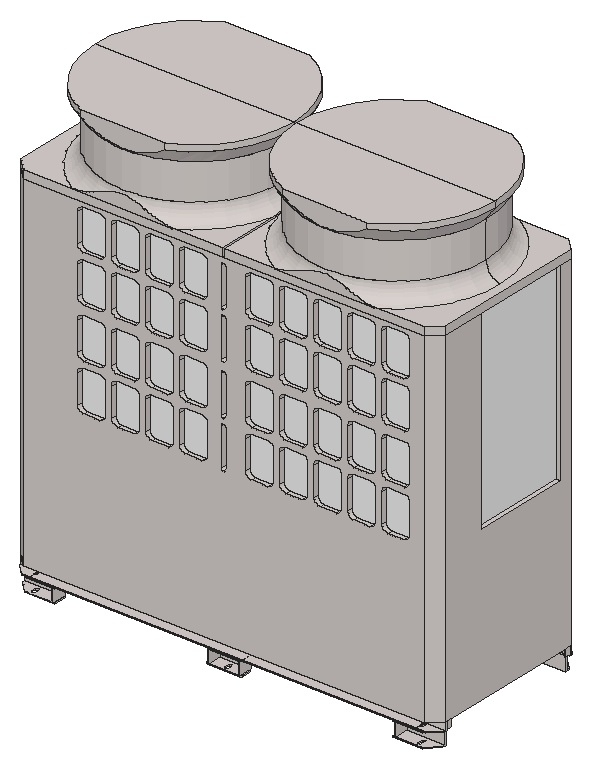
Revit family "PURY-EP550YNW-A1", category 機械設備, Revit 2016
Family settings
  パーツ タイプ = 標準
  丸型コネクタ寸法 = 半径を使用
  OmniClass 番号 = 23.75.00.00
  OmniClass タイトル = Climate Control (HVAC)
  作業面に基づく = いいえ
  常に垂直 = はい
  ロード時にボイドで切り取り = いいえ
  共有 = いいえ
  部屋の計算ポイント = いいえ
Parameters (values of type "PURY-EP550YNW-A1_415V_60Hz")
  モデル = "PURY-EP550YNW-A1"
  Width = 1750.000 mm
  WarrantyStart = ""
  Voltage = 415 V
  Unit Weight (kg) = 346
  URL = "http://www.mitsubishielectric.com/"
  製造元 = "Mitsubishi Electric Corporation"
  Temp. range of heating (Outdoor temp.) (W.B.) = "-20.0 to 15.5"
  Temp. range of heating (Indoor temp.) (D.B.) = "15.0 to 27.0"
  Temp. range of cooling (Outdoor temp.) (D.B.) = "-5.0 to 52.0"
  Temp. range of cooling (Indoor temp.) (W.B.) = "15.0 to 24.0"
  TagNumber = 0
  Subcategory = "HVAC"
  Space View = yes
  Sound Pressure Level (dB(A)) Heating mode = 70
  Sound Pressure Level (dB(A)) Cooling mode = 66
  SerialNumber = 0
  ReplacementYear = "0"
  Refrigerant type = "R410A"
  Refrigerant Charge (kg) = 10.8
  Protection Devices_Inverter circuit (COMP./FAN) = "Over-current protection"
  Protection Devices_High pressure (MPa) = "High pressure sensor, High pressure switch at 4.15"
  Phase = 3
  Outdoor unit Breaker size (A) = 60
  Note_1 = "Refrigerant pipe diameters may change depending on the installation condition. Please refer to the installation manual."
  Maximum Circuit Ampacity (A) = 44.3
  Low pressure pipe_radius = 14.290 mm
  InstallationDate = "0"
  Indoor Unit Total Capacity = "50 to 150% of outdoor unit capacity"
  Indoor Unit Model/Quantity = "P10 to P250/2 to 50"
  High pressure pipe_radius = 11.100 mm
  Hertz = 60 Hz
  Height = 1858.000 mm
  Heating SCOP (kW/kW) = 4.09
  Heating Rated Load Ampacity (A) = 30.4
  Heating Power Input (kW) = 19.71
  Heating Power Input (Nominal) (kW) = 16.55
  Heating Current Input (Nominal) (A) = 25.5
  Heating Current Input (A) = 30.4
  Heating Capacity (kW) = 69
  Heating Capacity (Nominal) (kW) = 63
  Heating COP (kW/kW) = 3.5
  Heating COP (Nominal) (kW/kW) = 3.8
  Fan_Type = "Propeller Fan"
  Fan_Quantity = 2
  Fan Motor Output (kW) = 1.84
  External static pressure (Pa) = 0
  External Finish = "Pre-coated galvanized steel sheets (+powder coating for -BS type) <MUNSELL 5Y 8/1 or similar>"
  Equip_description = ""
  Equip_No. = 0
  Equip_ID = ""
  Description = ""
  Depth = 740.000 mm
  CreatedOn = ""
  CreatedBy = ""
  Cooling SEER (kW/kW) = 6.21
  Cooling Rated Load Ampacity (A) = 34
  Cooling Power Input (kW) = 22
  Cooling EER (kW/kW) = 2.86
  Cooling Current Input (A) = 34
  Cooling Capacity (kW) = 63
  Compressor_Type = "Inverter scroll hermetic compressor"
  Compressor_Quantity = 1
  Compressor_Lubricant = "MEL32"
  Compressor Motor Output (kW) = "17.2"
  Category = "0"
  Barcode = "0"
  AssetIdentifier = "0"
  Airflow Rate (m3/min) = 410
  Airflow Rate (m3/h) = 24600
Reference planes
  plane 1 "Center (Front/Back)": y = 0
  plane 2: z = 0
  plane 3 "Center (Left/Right)": x = 0
  plane 4 "panel_L": x = -875
  plane 5: y = 370
  plane 6 "front": y = -370
  plane 7: x = 875
  plane 8: x = -798
  plane 9: x = 798
  plane 10: x = 850
  plane 11: x = -190
  plane 12: x = -107
  plane 13: y = -185
  plane 14: z = 1858
Forms (mm)
  Extrusion 1, solid, material "Paint_5Y 8/1"
    sketch origin (0, 0, 113) x (-1, 0, 0) y (0, -1, 0)
      loop
        line (825, -370) -> (875, -320) -> (875, 320) -> (825, 370) -> (-825, 370) -> (-875, 320) -> (-875, -320) -> (-825, -370) -> (825, -370)
    from -18 to 1408
  Extrusion 2, void
    sketch origin (802, -370, 113) x (1, 0, 0) y (0, 0, -1)
      loop
        arc (-60.8, -1393.5) -> (-42.557, -1385.943) -> (-35, -1367.7) r 25.8
        line (-35, -1367.7) -> (-35, -1248.5)
        arc (-35, -1248.5) -> (-42.557, -1230.257) -> (-60.8, -1222.7) r 25.8
        line (-60.8, -1222.7) -> (-126, -1222.7)
        arc (-126, -1222.7) -> (-144.243, -1230.257) -> (-151.8, -1248.5) r 25.8
        line (-151.8, -1248.5) -> (-151.8, -1367.7)
        arc (-151.8, -1367.7) -> (-144.243, -1385.943) -> (-126, -1393.5) r 25.8
        line (-126, -1393.5) -> (-60.8, -1393.5)
    from 0 to 20
  Extrusion 3, void
    sketch origin (802, -370, -81) x (1, 0, 0) y (0, 0, -1)
      loop
        arc (-60.8, -1393.5) -> (-42.557, -1385.943) -> (-35, -1367.7) r 25.8
        line (-35, -1367.7) -> (-35, -1248.5)
        arc (-35, -1248.5) -> (-42.557, -1230.257) -> (-60.8, -1222.7) r 25.8
        line (-60.8, -1222.7) -> (-126, -1222.7)
        arc (-126, -1222.7) -> (-144.243, -1230.257) -> (-151.8, -1248.5) r 25.8
        line (-151.8, -1248.5) -> (-151.8, -1367.7)
        arc (-151.8, -1367.7) -> (-144.243, -1385.943) -> (-126, -1393.5) r 25.8
        line (-126, -1393.5) -> (-60.8, -1393.5)
    from 0 to 20
  Extrusion 4, void
    sketch origin (802, -370, -287) x (1, 0, 0) y (0, 0, -1)
      loop
        arc (-60.8, -1393.5) -> (-42.557, -1385.943) -> (-35, -1367.7) r 25.8
        line (-35, -1367.7) -> (-35, -1248.5)
        arc (-35, -1248.5) -> (-42.557, -1230.257) -> (-60.8, -1222.7) r 25.8
        line (-60.8, -1222.7) -> (-126, -1222.7)
        arc (-126, -1222.7) -> (-144.243, -1230.257) -> (-151.8, -1248.5) r 25.8
        line (-151.8, -1248.5) -> (-151.8, -1367.7)
        arc (-151.8, -1367.7) -> (-144.243, -1385.943) -> (-126, -1393.5) r 25.8
        line (-126, -1393.5) -> (-60.8, -1393.5)
    from 0 to 20
  Extrusion 5, void
    sketch origin (802, -370, -481) x (1, 0, 0) y (0, 0, -1)
      loop
        arc (-60.8, -1393.5) -> (-42.557, -1385.943) -> (-35, -1367.7) r 25.8
        line (-35, -1367.7) -> (-35, -1248.5)
        arc (-35, -1248.5) -> (-42.557, -1230.257) -> (-60.8, -1222.7) r 25.8
        line (-60.8, -1222.7) -> (-126, -1222.7)
        arc (-126, -1222.7) -> (-144.243, -1230.257) -> (-151.8, -1248.5) r 25.8
        line (-151.8, -1248.5) -> (-151.8, -1367.7)
        arc (-151.8, -1367.7) -> (-144.243, -1385.943) -> (-126, -1393.5) r 25.8
        line (-126, -1393.5) -> (-60.8, -1393.5)
    from 0 to 20
  Extrusion 6, void
    sketch origin (662, -370, 113) x (1, 0, 0) y (0, 0, -1)
      loop
        arc (-60.8, -1393.5) -> (-42.557, -1385.943) -> (-35, -1367.7) r 25.8
        line (-35, -1367.7) -> (-35, -1248.5)
        arc (-35, -1248.5) -> (-42.557, -1230.257) -> (-60.8, -1222.7) r 25.8
        line (-60.8, -1222.7) -> (-126, -1222.7)
        arc (-126, -1222.7) -> (-144.243, -1230.257) -> (-151.8, -1248.5) r 25.8
        line (-151.8, -1248.5) -> (-151.8, -1367.7)
        arc (-151.8, -1367.7) -> (-144.243, -1385.943) -> (-126, -1393.5) r 25.8
        line (-126, -1393.5) -> (-60.8, -1393.5)
    from 0 to 20
  Extrusion 7, void
    sketch origin (662, -370, -81) x (1, 0, 0) y (0, 0, -1)
      loop
        arc (-60.8, -1393.5) -> (-42.557, -1385.943) -> (-35, -1367.7) r 25.8
        line (-35, -1367.7) -> (-35, -1248.5)
        arc (-35, -1248.5) -> (-42.557, -1230.257) -> (-60.8, -1222.7) r 25.8
        line (-60.8, -1222.7) -> (-126, -1222.7)
        arc (-126, -1222.7) -> (-144.243, -1230.257) -> (-151.8, -1248.5) r 25.8
        line (-151.8, -1248.5) -> (-151.8, -1367.7)
        arc (-151.8, -1367.7) -> (-144.243, -1385.943) -> (-126, -1393.5) r 25.8
        line (-126, -1393.5) -> (-60.8, -1393.5)
    from 0 to 20
  Extrusion 8, void
    sketch origin (662, -370, -287) x (1, 0, 0) y (0, 0, -1)
      loop
        arc (-60.8, -1393.5) -> (-42.557, -1385.943) -> (-35, -1367.7) r 25.8
        line (-35, -1367.7) -> (-35, -1248.5)
        arc (-35, -1248.5) -> (-42.557, -1230.257) -> (-60.8, -1222.7) r 25.8
        line (-60.8, -1222.7) -> (-126, -1222.7)
        arc (-126, -1222.7) -> (-144.243, -1230.257) -> (-151.8, -1248.5) r 25.8
        line (-151.8, -1248.5) -> (-151.8, -1367.7)
        arc (-151.8, -1367.7) -> (-144.243, -1385.943) -> (-126, -1393.5) r 25.8
        line (-126, -1393.5) -> (-60.8, -1393.5)
    from 0 to 20
  Extrusion 9, void
    sketch origin (662, -370, -481) x (1, 0, 0) y (0, 0, -1)
      loop
        arc (-60.8, -1393.5) -> (-42.557, -1385.943) -> (-35, -1367.7) r 25.8
        line (-35, -1367.7) -> (-35, -1248.5)
        arc (-35, -1248.5) -> (-42.557, -1230.257) -> (-60.8, -1222.7) r 25.8
        line (-60.8, -1222.7) -> (-126, -1222.7)
        arc (-126, -1222.7) -> (-144.243, -1230.257) -> (-151.8, -1248.5) r 25.8
        line (-151.8, -1248.5) -> (-151.8, -1367.7)
        arc (-151.8, -1367.7) -> (-144.243, -1385.943) -> (-126, -1393.5) r 25.8
        line (-126, -1393.5) -> (-60.8, -1393.5)
    from 0 to 20
  Extrusion 10, void
    sketch origin (522, -370, 113) x (1, 0, 0) y (0, 0, -1)
      loop
        arc (-60.8, -1393.5) -> (-42.557, -1385.943) -> (-35, -1367.7) r 25.8
        line (-35, -1367.7) -> (-35, -1248.5)
        arc (-35, -1248.5) -> (-42.557, -1230.257) -> (-60.8, -1222.7) r 25.8
        line (-60.8, -1222.7) -> (-126, -1222.7)
        arc (-126, -1222.7) -> (-144.243, -1230.257) -> (-151.8, -1248.5) r 25.8
        line (-151.8, -1248.5) -> (-151.8, -1367.7)
        arc (-151.8, -1367.7) -> (-144.243, -1385.943) -> (-126, -1393.5) r 25.8
        line (-126, -1393.5) -> (-60.8, -1393.5)
    from 0 to 20
  Extrusion 11, void
    sketch origin (522, -370, -81) x (1, 0, 0) y (0, 0, -1)
      loop
        arc (-60.8, -1393.5) -> (-42.557, -1385.943) -> (-35, -1367.7) r 25.8
        line (-35, -1367.7) -> (-35, -1248.5)
        arc (-35, -1248.5) -> (-42.557, -1230.257) -> (-60.8, -1222.7) r 25.8
        line (-60.8, -1222.7) -> (-126, -1222.7)
        arc (-126, -1222.7) -> (-144.243, -1230.257) -> (-151.8, -1248.5) r 25.8
        line (-151.8, -1248.5) -> (-151.8, -1367.7)
        arc (-151.8, -1367.7) -> (-144.243, -1385.943) -> (-126, -1393.5) r 25.8
        line (-126, -1393.5) -> (-60.8, -1393.5)
    from 0 to 20
  Extrusion 12, void
    sketch origin (522, -370, -287) x (1, 0, 0) y (0, 0, -1)
      loop
        arc (-60.8, -1393.5) -> (-42.557, -1385.943) -> (-35, -1367.7) r 25.8
        line (-35, -1367.7) -> (-35, -1248.5)
        arc (-35, -1248.5) -> (-42.557, -1230.257) -> (-60.8, -1222.7) r 25.8
        line (-60.8, -1222.7) -> (-126, -1222.7)
        arc (-126, -1222.7) -> (-144.243, -1230.257) -> (-151.8, -1248.5) r 25.8
        line (-151.8, -1248.5) -> (-151.8, -1367.7)
        arc (-151.8, -1367.7) -> (-144.243, -1385.943) -> (-126, -1393.5) r 25.8
        line (-126, -1393.5) -> (-60.8, -1393.5)
    from 0 to 20
  Extrusion 13, void
    sketch origin (522, -370, -481) x (1, 0, 0) y (0, 0, -1)
      loop
        arc (-60.8, -1393.5) -> (-42.557, -1385.943) -> (-35, -1367.7) r 25.8
        line (-35, -1367.7) -> (-35, -1248.5)
        arc (-35, -1248.5) -> (-42.557, -1230.257) -> (-60.8, -1222.7) r 25.8
        line (-60.8, -1222.7) -> (-126, -1222.7)
        arc (-126, -1222.7) -> (-144.243, -1230.257) -> (-151.8, -1248.5) r 25.8
        line (-151.8, -1248.5) -> (-151.8, -1367.7)
        arc (-151.8, -1367.7) -> (-144.243, -1385.943) -> (-126, -1393.5) r 25.8
        line (-126, -1393.5) -> (-60.8, -1393.5)
    from 0 to 20
  Extrusion 14, void
    sketch origin (382, -370, 113) x (1, 0, 0) y (0, 0, -1)
      loop
        arc (-60.8, -1393.5) -> (-42.557, -1385.943) -> (-35, -1367.7) r 25.8
        line (-35, -1367.7) -> (-35, -1248.5)
        arc (-35, -1248.5) -> (-42.557, -1230.257) -> (-60.8, -1222.7) r 25.8
        line (-60.8, -1222.7) -> (-126, -1222.7)
        arc (-126, -1222.7) -> (-144.243, -1230.257) -> (-151.8, -1248.5) r 25.8
        line (-151.8, -1248.5) -> (-151.8, -1367.7)
        arc (-151.8, -1367.7) -> (-144.243, -1385.943) -> (-126, -1393.5) r 25.8
        line (-126, -1393.5) -> (-60.8, -1393.5)
    from 0 to 20
  Extrusion 15, void
    sketch origin (382, -370, -81) x (1, 0, 0) y (0, 0, -1)
      loop
        arc (-60.8, -1393.5) -> (-42.557, -1385.943) -> (-35, -1367.7) r 25.8
        line (-35, -1367.7) -> (-35, -1248.5)
        arc (-35, -1248.5) -> (-42.557, -1230.257) -> (-60.8, -1222.7) r 25.8
        line (-60.8, -1222.7) -> (-126, -1222.7)
        arc (-126, -1222.7) -> (-144.243, -1230.257) -> (-151.8, -1248.5) r 25.8
        line (-151.8, -1248.5) -> (-151.8, -1367.7)
        arc (-151.8, -1367.7) -> (-144.243, -1385.943) -> (-126, -1393.5) r 25.8
        line (-126, -1393.5) -> (-60.8, -1393.5)
    from 0 to 20
  Extrusion 16, void
    sketch origin (382, -370, -287) x (1, 0, 0) y (0, 0, -1)
      loop
        arc (-60.8, -1393.5) -> (-42.557, -1385.943) -> (-35, -1367.7) r 25.8
        line (-35, -1367.7) -> (-35, -1248.5)
        arc (-35, -1248.5) -> (-42.557, -1230.257) -> (-60.8, -1222.7) r 25.8
        line (-60.8, -1222.7) -> (-126, -1222.7)
        arc (-126, -1222.7) -> (-144.243, -1230.257) -> (-151.8, -1248.5) r 25.8
        line (-151.8, -1248.5) -> (-151.8, -1367.7)
        arc (-151.8, -1367.7) -> (-144.243, -1385.943) -> (-126, -1393.5) r 25.8
        line (-126, -1393.5) -> (-60.8, -1393.5)
    from 0 to 20
  Extrusion 17, void
    sketch origin (382, -370, -481) x (1, 0, 0) y (0, 0, -1)
      loop
        arc (-60.8, -1393.5) -> (-42.557, -1385.943) -> (-35, -1367.7) r 25.8
        line (-35, -1367.7) -> (-35, -1248.5)
        arc (-35, -1248.5) -> (-42.557, -1230.257) -> (-60.8, -1222.7) r 25.8
        line (-60.8, -1222.7) -> (-126, -1222.7)
        arc (-126, -1222.7) -> (-144.243, -1230.257) -> (-151.8, -1248.5) r 25.8
        line (-151.8, -1248.5) -> (-151.8, -1367.7)
        arc (-151.8, -1367.7) -> (-144.243, -1385.943) -> (-126, -1393.5) r 25.8
        line (-126, -1393.5) -> (-60.8, -1393.5)
    from 0 to 20
  Extrusion 18, void
    sketch origin (242, -370, 113) x (1, 0, 0) y (0, 0, -1)
      loop
        arc (-60.8, -1393.5) -> (-42.557, -1385.943) -> (-35, -1367.7) r 25.8
        line (-35, -1367.7) -> (-35, -1248.5)
        arc (-35, -1248.5) -> (-42.557, -1230.257) -> (-60.8, -1222.7) r 25.8
        line (-60.8, -1222.7) -> (-126, -1222.7)
        arc (-126, -1222.7) -> (-144.243, -1230.257) -> (-151.8, -1248.5) r 25.8
        line (-151.8, -1248.5) -> (-151.8, -1367.7)
        arc (-151.8, -1367.7) -> (-144.243, -1385.943) -> (-126, -1393.5) r 25.8
        line (-126, -1393.5) -> (-60.8, -1393.5)
    from 0 to 20
  Extrusion 19, void
    sketch origin (242, -370, -81) x (1, 0, 0) y (0, 0, -1)
      loop
        arc (-60.8, -1393.5) -> (-42.557, -1385.943) -> (-35, -1367.7) r 25.8
        line (-35, -1367.7) -> (-35, -1248.5)
        arc (-35, -1248.5) -> (-42.557, -1230.257) -> (-60.8, -1222.7) r 25.8
        line (-60.8, -1222.7) -> (-126, -1222.7)
        arc (-126, -1222.7) -> (-144.243, -1230.257) -> (-151.8, -1248.5) r 25.8
        line (-151.8, -1248.5) -> (-151.8, -1367.7)
        arc (-151.8, -1367.7) -> (-144.243, -1385.943) -> (-126, -1393.5) r 25.8
        line (-126, -1393.5) -> (-60.8, -1393.5)
    from 0 to 20
  Extrusion 20, void
    sketch origin (242, -370, -287) x (1, 0, 0) y (0, 0, -1)
      loop
        arc (-60.8, -1393.5) -> (-42.557, -1385.943) -> (-35, -1367.7) r 25.8
        line (-35, -1367.7) -> (-35, -1248.5)
        arc (-35, -1248.5) -> (-42.557, -1230.257) -> (-60.8, -1222.7) r 25.8
        line (-60.8, -1222.7) -> (-126, -1222.7)
        arc (-126, -1222.7) -> (-144.243, -1230.257) -> (-151.8, -1248.5) r 25.8
        line (-151.8, -1248.5) -> (-151.8, -1367.7)
        arc (-151.8, -1367.7) -> (-144.243, -1385.943) -> (-126, -1393.5) r 25.8
        line (-126, -1393.5) -> (-60.8, -1393.5)
    from 0 to 20
  Extrusion 21, void
    sketch origin (242, -370, -481) x (1, 0, 0) y (0, 0, -1)
      loop
        arc (-60.8, -1393.5) -> (-42.557, -1385.943) -> (-35, -1367.7) r 25.8
        line (-35, -1367.7) -> (-35, -1248.5)
        arc (-35, -1248.5) -> (-42.557, -1230.257) -> (-60.8, -1222.7) r 25.8
        line (-60.8, -1222.7) -> (-126, -1222.7)
        arc (-126, -1222.7) -> (-144.243, -1230.257) -> (-151.8, -1248.5) r 25.8
        line (-151.8, -1248.5) -> (-151.8, -1367.7)
        arc (-151.8, -1367.7) -> (-144.243, -1385.943) -> (-126, -1393.5) r 25.8
        line (-126, -1393.5) -> (-60.8, -1393.5)
    from 0 to 20
  Extrusion 22, void
    sketch origin (-30, -370, 113) x (1, 0, 0) y (0, 0, -1)
      loop
        arc (-60.8, -1393.5) -> (-42.557, -1385.943) -> (-35, -1367.7) r 25.8
        line (-35, -1367.7) -> (-35, -1248.5)
        arc (-35, -1248.5) -> (-42.557, -1230.257) -> (-60.8, -1222.7) r 25.8
        line (-60.8, -1222.7) -> (-126, -1222.7)
        arc (-126, -1222.7) -> (-144.243, -1230.257) -> (-151.8, -1248.5) r 25.8
        line (-151.8, -1248.5) -> (-151.8, -1367.7)
        arc (-151.8, -1367.7) -> (-144.243, -1385.943) -> (-126, -1393.5) r 25.8
        line (-126, -1393.5) -> (-60.8, -1393.5)
    from 0 to 20
  Extrusion 23, void
    sketch origin (-30, -370, -81) x (1, 0, 0) y (0, 0, -1)
      loop
        arc (-60.8, -1393.5) -> (-42.557, -1385.943) -> (-35, -1367.7) r 25.8
        line (-35, -1367.7) -> (-35, -1248.5)
        arc (-35, -1248.5) -> (-42.557, -1230.257) -> (-60.8, -1222.7) r 25.8
        line (-60.8, -1222.7) -> (-126, -1222.7)
        arc (-126, -1222.7) -> (-144.243, -1230.257) -> (-151.8, -1248.5) r 25.8
        line (-151.8, -1248.5) -> (-151.8, -1367.7)
        arc (-151.8, -1367.7) -> (-144.243, -1385.943) -> (-126, -1393.5) r 25.8
        line (-126, -1393.5) -> (-60.8, -1393.5)
    from 0 to 20
  Extrusion 24, void
    sketch origin (-30, -370, -287) x (1, 0, 0) y (0, 0, -1)
      loop
        arc (-60.8, -1393.5) -> (-42.557, -1385.943) -> (-35, -1367.7) r 25.8
        line (-35, -1367.7) -> (-35, -1248.5)
        arc (-35, -1248.5) -> (-42.557, -1230.257) -> (-60.8, -1222.7) r 25.8
        line (-60.8, -1222.7) -> (-126, -1222.7)
        arc (-126, -1222.7) -> (-144.243, -1230.257) -> (-151.8, -1248.5) r 25.8
        line (-151.8, -1248.5) -> (-151.8, -1367.7)
        arc (-151.8, -1367.7) -> (-144.243, -1385.943) -> (-126, -1393.5) r 25.8
        line (-126, -1393.5) -> (-60.8, -1393.5)
    from 0 to 20
  Extrusion 25, void
    sketch origin (-30, -370, -481) x (1, 0, 0) y (0, 0, -1)
      loop
        arc (-60.8, -1393.5) -> (-42.557, -1385.943) -> (-35, -1367.7) r 25.8
        line (-35, -1367.7) -> (-35, -1248.5)
        arc (-35, -1248.5) -> (-42.557, -1230.257) -> (-60.8, -1222.7) r 25.8
        line (-60.8, -1222.7) -> (-126, -1222.7)
        arc (-126, -1222.7) -> (-144.243, -1230.257) -> (-151.8, -1248.5) r 25.8
        line (-151.8, -1248.5) -> (-151.8, -1367.7)
        arc (-151.8, -1367.7) -> (-144.243, -1385.943) -> (-126, -1393.5) r 25.8
        line (-126, -1393.5) -> (-60.8, -1393.5)
    from 0 to 20
  Extrusion 26, void
    sketch origin (-170, -370, 113) x (1, 0, 0) y (0, 0, -1)
      loop
        arc (-60.8, -1393.5) -> (-42.557, -1385.943) -> (-35, -1367.7) r 25.8
        line (-35, -1367.7) -> (-35, -1248.5)
        arc (-35, -1248.5) -> (-42.557, -1230.257) -> (-60.8, -1222.7) r 25.8
        line (-60.8, -1222.7) -> (-126, -1222.7)
        arc (-126, -1222.7) -> (-144.243, -1230.257) -> (-151.8, -1248.5) r 25.8
        line (-151.8, -1248.5) -> (-151.8, -1367.7)
        arc (-151.8, -1367.7) -> (-144.243, -1385.943) -> (-126, -1393.5) r 25.8
        line (-126, -1393.5) -> (-60.8, -1393.5)
    from 0 to 20
  Extrusion 27, void
    sketch origin (-170, -370, -81) x (1, 0, 0) y (0, 0, -1)
      loop
        arc (-60.8, -1393.5) -> (-42.557, -1385.943) -> (-35, -1367.7) r 25.8
        line (-35, -1367.7) -> (-35, -1248.5)
        arc (-35, -1248.5) -> (-42.557, -1230.257) -> (-60.8, -1222.7) r 25.8
        line (-60.8, -1222.7) -> (-126, -1222.7)
        arc (-126, -1222.7) -> (-144.243, -1230.257) -> (-151.8, -1248.5) r 25.8
        line (-151.8, -1248.5) -> (-151.8, -1367.7)
        arc (-151.8, -1367.7) -> (-144.243, -1385.943) -> (-126, -1393.5) r 25.8
        line (-126, -1393.5) -> (-60.8, -1393.5)
    from 0 to 20
  Extrusion 28, void
    sketch origin (-170, -370, -287) x (1, 0, 0) y (0, 0, -1)
      loop
        arc (-60.8, -1393.5) -> (-42.557, -1385.943) -> (-35, -1367.7) r 25.8
        line (-35, -1367.7) -> (-35, -1248.5)
        arc (-35, -1248.5) -> (-42.557, -1230.257) -> (-60.8, -1222.7) r 25.8
        line (-60.8, -1222.7) -> (-126, -1222.7)
        arc (-126, -1222.7) -> (-144.243, -1230.257) -> (-151.8, -1248.5) r 25.8
        line (-151.8, -1248.5) -> (-151.8, -1367.7)
        arc (-151.8, -1367.7) -> (-144.243, -1385.943) -> (-126, -1393.5) r 25.8
        line (-126, -1393.5) -> (-60.8, -1393.5)
    from 0 to 20
  Extrusion 29, void
    sketch origin (-170, -370, -481) x (1, 0, 0) y (0, 0, -1)
      loop
        arc (-60.8, -1393.5) -> (-42.557, -1385.943) -> (-35, -1367.7) r 25.8
        line (-35, -1367.7) -> (-35, -1248.5)
        arc (-35, -1248.5) -> (-42.557, -1230.257) -> (-60.8, -1222.7) r 25.8
        line (-60.8, -1222.7) -> (-126, -1222.7)
        arc (-126, -1222.7) -> (-144.243, -1230.257) -> (-151.8, -1248.5) r 25.8
        line (-151.8, -1248.5) -> (-151.8, -1367.7)
        arc (-151.8, -1367.7) -> (-144.243, -1385.943) -> (-126, -1393.5) r 25.8
        line (-126, -1393.5) -> (-60.8, -1393.5)
    from 0 to 20
  Extrusion 30, void
    sketch origin (-310, -370, 113) x (1, 0, 0) y (0, 0, -1)
      loop
        arc (-60.8, -1393.5) -> (-42.557, -1385.943) -> (-35, -1367.7) r 25.8
        line (-35, -1367.7) -> (-35, -1248.5)
        arc (-35, -1248.5) -> (-42.557, -1230.257) -> (-60.8, -1222.7) r 25.8
        line (-60.8, -1222.7) -> (-126, -1222.7)
        arc (-126, -1222.7) -> (-144.243, -1230.257) -> (-151.8, -1248.5) r 25.8
        line (-151.8, -1248.5) -> (-151.8, -1367.7)
        arc (-151.8, -1367.7) -> (-144.243, -1385.943) -> (-126, -1393.5) r 25.8
        line (-126, -1393.5) -> (-60.8, -1393.5)
    from 0 to 20
  Extrusion 31, void
    sketch origin (-310, -370, -81) x (1, 0, 0) y (0, 0, -1)
      loop
        arc (-60.8, -1393.5) -> (-42.557, -1385.943) -> (-35, -1367.7) r 25.8
        line (-35, -1367.7) -> (-35, -1248.5)
        arc (-35, -1248.5) -> (-42.557, -1230.257) -> (-60.8, -1222.7) r 25.8
        line (-60.8, -1222.7) -> (-126, -1222.7)
        arc (-126, -1222.7) -> (-144.243, -1230.257) -> (-151.8, -1248.5) r 25.8
        line (-151.8, -1248.5) -> (-151.8, -1367.7)
        arc (-151.8, -1367.7) -> (-144.243, -1385.943) -> (-126, -1393.5) r 25.8
        line (-126, -1393.5) -> (-60.8, -1393.5)
    from 0 to 20
  Extrusion 32, void
    sketch origin (-310, -370, -287) x (1, 0, 0) y (0, 0, -1)
      loop
        arc (-60.8, -1393.5) -> (-42.557, -1385.943) -> (-35, -1367.7) r 25.8
        line (-35, -1367.7) -> (-35, -1248.5)
        arc (-35, -1248.5) -> (-42.557, -1230.257) -> (-60.8, -1222.7) r 25.8
        line (-60.8, -1222.7) -> (-126, -1222.7)
        arc (-126, -1222.7) -> (-144.243, -1230.257) -> (-151.8, -1248.5) r 25.8
        line (-151.8, -1248.5) -> (-151.8, -1367.7)
        arc (-151.8, -1367.7) -> (-144.243, -1385.943) -> (-126, -1393.5) r 25.8
        line (-126, -1393.5) -> (-60.8, -1393.5)
    from 0 to 20
  Extrusion 33, void
    sketch origin (-310, -370, -481) x (1, 0, 0) y (0, 0, -1)
      loop
        arc (-60.8, -1393.5) -> (-42.557, -1385.943) -> (-35, -1367.7) r 25.8
        line (-35, -1367.7) -> (-35, -1248.5)
        arc (-35, -1248.5) -> (-42.557, -1230.257) -> (-60.8, -1222.7) r 25.8
        line (-60.8, -1222.7) -> (-126, -1222.7)
        arc (-126, -1222.7) -> (-144.243, -1230.257) -> (-151.8, -1248.5) r 25.8
        line (-151.8, -1248.5) -> (-151.8, -1367.7)
        arc (-151.8, -1367.7) -> (-144.243, -1385.943) -> (-126, -1393.5) r 25.8
        line (-126, -1393.5) -> (-60.8, -1393.5)
    from 0 to 20
  Extrusion 34, void
    sketch origin (-450, -370, 113) x (1, 0, 0) y (0, 0, -1)
      loop
        arc (-60.8, -1393.5) -> (-42.557, -1385.943) -> (-35, -1367.7) r 25.8
        line (-35, -1367.7) -> (-35, -1248.5)
        arc (-35, -1248.5) -> (-42.557, -1230.257) -> (-60.8, -1222.7) r 25.8
        line (-60.8, -1222.7) -> (-126, -1222.7)
        arc (-126, -1222.7) -> (-144.243, -1230.257) -> (-151.8, -1248.5) r 25.8
        line (-151.8, -1248.5) -> (-151.8, -1367.7)
        arc (-151.8, -1367.7) -> (-144.243, -1385.943) -> (-126, -1393.5) r 25.8
        line (-126, -1393.5) -> (-60.8, -1393.5)
    from 0 to 20
  Extrusion 35, void
    sketch origin (-450, -370, -81) x (1, 0, 0) y (0, 0, -1)
      loop
        arc (-60.8, -1393.5) -> (-42.557, -1385.943) -> (-35, -1367.7) r 25.8
        line (-35, -1367.7) -> (-35, -1248.5)
        arc (-35, -1248.5) -> (-42.557, -1230.257) -> (-60.8, -1222.7) r 25.8
        line (-60.8, -1222.7) -> (-126, -1222.7)
        arc (-126, -1222.7) -> (-144.243, -1230.257) -> (-151.8, -1248.5) r 25.8
        line (-151.8, -1248.5) -> (-151.8, -1367.7)
        arc (-151.8, -1367.7) -> (-144.243, -1385.943) -> (-126, -1393.5) r 25.8
        line (-126, -1393.5) -> (-60.8, -1393.5)
    from 0 to 20
  Extrusion 36, void
    sketch origin (-450, -370, -287) x (1, 0, 0) y (0, 0, -1)
      loop
        arc (-60.8, -1393.5) -> (-42.557, -1385.943) -> (-35, -1367.7) r 25.8
        line (-35, -1367.7) -> (-35, -1248.5)
        arc (-35, -1248.5) -> (-42.557, -1230.257) -> (-60.8, -1222.7) r 25.8
        line (-60.8, -1222.7) -> (-126, -1222.7)
        arc (-126, -1222.7) -> (-144.243, -1230.257) -> (-151.8, -1248.5) r 25.8
        line (-151.8, -1248.5) -> (-151.8, -1367.7)
        arc (-151.8, -1367.7) -> (-144.243, -1385.943) -> (-126, -1393.5) r 25.8
        line (-126, -1393.5) -> (-60.8, -1393.5)
    from 0 to 20
  Extrusion 37, void
    sketch origin (-450, -370, -481) x (1, 0, 0) y (0, 0, -1)
      loop
        arc (-60.8, -1393.5) -> (-42.557, -1385.943) -> (-35, -1367.7) r 25.8
        line (-35, -1367.7) -> (-35, -1248.5)
        arc (-35, -1248.5) -> (-42.557, -1230.257) -> (-60.8, -1222.7) r 25.8
        line (-60.8, -1222.7) -> (-126, -1222.7)
        arc (-126, -1222.7) -> (-144.243, -1230.257) -> (-151.8, -1248.5) r 25.8
        line (-151.8, -1248.5) -> (-151.8, -1367.7)
        arc (-151.8, -1367.7) -> (-144.243, -1385.943) -> (-126, -1393.5) r 25.8
        line (-126, -1393.5) -> (-60.8, -1393.5)
    from 0 to 20
  Extrusion 38, void
    sketch origin (825, -370, 113) x (1, 0, 0) y (0, 0, -1)
      loop
        line (-834.892, -1225.013) -> (-834.892, -1379.987)
        arc (-834.892, -1379.987) -> (-824.892, -1389.987) -> (-814.892, -1379.987) r 10
        line (-814.892, -1379.987) -> (-814.892, -1225.013)
        arc (-814.892, -1225.013) -> (-824.892, -1215.013) -> (-834.892, -1225.013) r 10
      loop
        line (-834.892, -1031.013) -> (-834.892, -1185.987)
        arc (-834.892, -1185.987) -> (-824.892, -1195.987) -> (-814.892, -1185.987) r 10
        line (-814.892, -1185.987) -> (-814.892, -1031.013)
        arc (-814.892, -1031.013) -> (-824.892, -1021.013) -> (-834.892, -1031.013) r 10
      loop
        line (-834.892, -825.013) -> (-834.892, -979.987)
        arc (-834.892, -979.987) -> (-824.892, -989.987) -> (-814.892, -979.987) r 10
        line (-814.892, -979.987) -> (-814.892, -825.013)
        arc (-814.892, -825.013) -> (-824.892, -815.013) -> (-834.892, -825.013) r 10
      loop
        line (-834.892, -631.013) -> (-834.892, -785.987)
        arc (-834.892, -785.987) -> (-824.892, -795.987) -> (-814.892, -785.987) r 10
        line (-814.892, -785.987) -> (-814.892, -631.013)
        arc (-814.892, -631.013) -> (-824.892, -621.013) -> (-834.892, -631.013) r 10
    from 0 to 20
  Extrusion 39, void
    sketch origin (875, 320, 113) x (0, 1, 0) y (0, 0, -1)
      loop
        line (-462.3, -1408) -> (-50.8, -1408) -> (-50.8, -612) -> (-462.3, -612) -> (-462.3, -1408)
    from 0 to 20
  Extrusion 40, void
    sketch origin (-875, -320, 113) x (0, -1, 0) y (0, 0, -1)
      loop
        line (-535.7, -1408) -> (-207.7, -1408) -> (-207.7, -592) -> (-535.7, -592) -> (-535.7, -1408)
    from 0 to 20
  Extrusion 41, void
    sketch origin (195, 370, 113) x (-1, 0, 0) y (0, 0, -1)
      loop
        arc (204.892, -1225.013) -> (194.892, -1215.013) -> (184.892, -1225.013) r 10
        line (184.892, -1225.013) -> (184.892, -1379.987)
        arc (184.892, -1379.987) -> (194.892, -1389.987) -> (204.892, -1379.987) r 10
        line (204.892, -1379.987) -> (204.892, -1225.013)
      loop
        arc (204.892, -1031.013) -> (194.892, -1021.013) -> (184.892, -1031.013) r 10
        line (184.892, -1031.013) -> (184.892, -1185.987)
        arc (184.892, -1185.987) -> (194.892, -1195.987) -> (204.892, -1185.987) r 10
        line (204.892, -1185.987) -> (204.892, -1031.013)
      loop
        arc (204.892, -825.013) -> (194.892, -815.013) -> (184.892, -825.013) r 10
        line (184.892, -825.013) -> (184.892, -979.987)
        arc (184.892, -979.987) -> (194.892, -989.987) -> (204.892, -979.987) r 10
        line (204.892, -979.987) -> (204.892, -825.013)
      loop
        arc (204.892, -631.013) -> (194.892, -621.013) -> (184.892, -631.013) r 10
        line (184.892, -631.013) -> (184.892, -785.987)
        arc (184.892, -785.987) -> (194.892, -795.987) -> (204.892, -785.987) r 10
        line (204.892, -785.987) -> (204.892, -631.013)
    from 0 to 20
  Extrusion 42, void
    sketch origin (-825, 370, 113) x (-1, 0, 0) y (0, 0, -1)
      loop
        line (-1603, -1408) -> (-875, -1408) -> (-875, -556) -> (-1603, -556) -> (-1603, -1408)
      loop
        line (-775, -1408) -> (-47, -1408) -> (-47, -556) -> (-775, -556) -> (-775, -1408)
    from 0 to 20
  Extrusion 43, void
    sketch origin (825, 370, 96) x (-0.707107, 0.707107, 0) y (0, 0, -1)
      loop
        line (-45.509, -1236) -> (-45.509, -1386)
        arc (-45.509, -1386) -> (-35.509, -1396) -> (-25.509, -1386) r 10
        line (-25.509, -1386) -> (-25.509, -1236)
        arc (-25.509, -1236) -> (-35.509, -1226) -> (-45.509, -1236) r 10
      loop
        line (-45.509, -1036) -> (-45.509, -1186)
        arc (-45.509, -1186) -> (-35.509, -1196) -> (-25.509, -1186) r 10
        line (-25.509, -1186) -> (-25.509, -1036)
        arc (-25.509, -1036) -> (-35.509, -1026) -> (-45.509, -1036) r 10
      loop
        line (-45.509, -836) -> (-45.509, -986)
        arc (-45.509, -986) -> (-35.509, -996) -> (-25.509, -986) r 10
        line (-25.509, -986) -> (-25.509, -836)
        arc (-25.509, -836) -> (-35.509, -826) -> (-45.509, -836) r 10
      loop
        line (-45.509, -643.5) -> (-45.509, -793.5)
        arc (-45.509, -793.5) -> (-35.509, -803.5) -> (-25.509, -793.5) r 10
        line (-25.509, -793.5) -> (-25.509, -643.5)
        arc (-25.509, -643.5) -> (-35.509, -633.5) -> (-45.509, -643.5) r 10
    from 0 to 20
  Extrusion 44, void
    sketch origin (-825, 370, 113) x (0.707107, 0.707107, 0) y (0, 0, 1)
      loop
        arc (-45.355, 1236) -> (-35.355, 1226) -> (-25.355, 1236) r 10
        line (-25.355, 1236) -> (-25.355, 1386)
        arc (-25.355, 1386) -> (-35.355, 1396) -> (-45.355, 1386) r 10
        line (-45.355, 1386) -> (-45.355, 1236)
      loop
        arc (-45.355, 1036) -> (-35.355, 1026) -> (-25.355, 1036) r 10
        line (-25.355, 1036) -> (-25.355, 1186)
        arc (-25.355, 1186) -> (-35.355, 1196) -> (-45.355, 1186) r 10
        line (-45.355, 1186) -> (-45.355, 1036)
      loop
        arc (-45.355, 836) -> (-35.355, 826) -> (-25.355, 836) r 10
        line (-25.355, 836) -> (-25.355, 986)
        arc (-25.355, 986) -> (-35.355, 996) -> (-45.355, 986) r 10
        line (-45.355, 986) -> (-45.355, 836)
      loop
        arc (-45.355, 641) -> (-35.355, 631) -> (-25.355, 641) r 10
        line (-25.355, 641) -> (-25.355, 791)
        arc (-25.355, 791) -> (-35.355, 801) -> (-45.355, 791) r 10
        line (-45.355, 791) -> (-45.355, 641)
    from 0 to 20
  Extrusion 45, void
    sketch origin (-875, -320, 113) x (0, -1, 0) y (0, 0, -1)
      loop
        line (-607.846, -1035.895) -> (-607.846, -1186.105)
        arc (-607.846, -1186.105) -> (-597.846, -1196.105) -> (-587.846, -1186.105) r 10
        line (-587.846, -1186.105) -> (-587.846, -1035.895)
        arc (-587.846, -1035.895) -> (-597.846, -1025.895) -> (-607.846, -1035.895) r 10
      loop
        line (-607.846, -835.895) -> (-607.846, -986.105)
        arc (-607.846, -986.105) -> (-597.846, -996.105) -> (-587.846, -986.105) r 10
        line (-587.846, -986.105) -> (-587.846, -835.895)
        arc (-587.846, -835.895) -> (-597.846, -825.895) -> (-607.846, -835.895) r 10
      loop
        line (-607.846, -1235.895) -> (-607.846, -1386.105)
        arc (-607.846, -1386.105) -> (-597.846, -1396.105) -> (-587.846, -1386.105) r 10
        line (-587.846, -1386.105) -> (-587.846, -1235.895)
        arc (-587.846, -1235.895) -> (-597.846, -1225.895) -> (-607.846, -1235.895) r 10
      loop
        line (-607.846, -635.895) -> (-607.846, -786.105)
        arc (-607.846, -786.105) -> (-597.846, -796.105) -> (-587.846, -786.105) r 10
        line (-587.846, -786.105) -> (-587.846, -635.895)
        arc (-587.846, -635.895) -> (-597.846, -625.895) -> (-607.846, -635.895) r 10
    from 0 to 20
  Extrusion 46, void
    sketch origin (-825, -185, 1200) x (1, 0, 0) y (0, 0, 1)
      loop
        circle (635, -1024) r 11.1
    from 0 to -108.2
  Extrusion 47, void
    sketch origin (-825, -185, 1200) x (1, 0, 0) y (0, 0, 1)
      loop
        circle (718, -1013) r 14.29
    from 0 to -108.2
Cuts and joins
  Extrusion 2, Extrusion 3, Extrusion 4, Extrusion 5, Extrusion 6, Extrusion 7, Extrusion 8, Extrusion 9, Extrusion 10, Extrusion 11, Extrusion 12, Extrusion 13, Extrusion 14, Extrusion 15, Extrusion 16, Extrusion 17, Extrusion 18, Extrusion 19, Extrusion 20, Extrusion 21, Extrusion 22, Extrusion 23, Extrusion 24, Extrusion 25, Extrusion 26, Extrusion 27, Extrusion 28, Extrusion 29, Extrusion 30, Extrusion 31, Extrusion 32, Extrusion 33, Extrusion 34, Extrusion 35, Extrusion 36, Extrusion 37, Extrusion 38, Extrusion 39, Extrusion 40, Extrusion 41, Extrusion 42, Extrusion 43, Extrusion 44, Extrusion 45, Extrusion 46, Extrusion 47 cuts Extrusion 1
Lines and regions (mm)
  model lines
    curve 1: line (-805, -370, 716) -> (-30, -370, 716)
    curve 2: line (-805, -370, 1521) -> (-805, -370, 95)
    curve 3: line (802, -370, 1521) -> (802, -370, 95)
    curve 4: line (-81, -291, 95) -> (-211, -291, 95)
    curve 5: line (-72, -206, 95) -> (-72, -282, 95)
    curve 6: line (-211, -197, 95) -> (-81, -197, 95)
    curve 7: line (-222, -280, 95) -> (-222, -208, 95)
    curve 8: arc (-222, -280, 95) -> (-218.778, -287.778, 95) -> (-211, -291, 95) r 11
    curve 9: arc (-81, -291, 95) -> (-74.636, -288.364, 95) -> (-72, -282, 95) r 9
    curve 10: arc (-72, -206, 95) -> (-74.636, -199.636, 95) -> (-81, -197, 95) r 9
    curve 11: arc (-211, -197, 95) -> (-218.778, -200.222, 95) -> (-222, -208, 95) r 11
    curve 12: line (-30, -370, 1521) -> (-30, -370, 95)
    curve 13: line (30, -370, 1521) -> (30, -370, 95)
    curve 14: line (30, -370, 716) -> (802, -370, 716)
    curve 15: line (-215, -370, 215) -> (-87, -370, 215)
    curve 16: line (-225, -370, 141) -> (-225, -370, 205)
    curve 17: line (-87, -370, 131) -> (-215, -370, 131)
    curve 18: line (-77, -370, 205) -> (-77, -370, 141)
    curve 19: arc (-215, -370, 215) -> (-222.071, -370, 212.071) -> (-225, -370, 205) r 10
    curve 20: arc (-225, -370, 141) -> (-222.071, -370, 133.929) -> (-215, -370, 131) r 10
    curve 21: arc (-87, -370, 131) -> (-79.929, -370, 133.929) -> (-77, -370, 141) r 10
    curve 22: arc (-77, -370, 205) -> (-79.929, -370, 212.071) -> (-87, -370, 215) r 10
    curve 23: circle (743, -370, 170) r 32.5 normal (0, -1, 0)
    curve 24: circle (743, -370, 170) r 20 normal (0, -1, 0)
    curve 25: circle (619, -370, 150) r 17 normal (0, -1, 0)
    curve 26: circle (668, -370, 185) r 26 normal (0, -1, 0)
    curve 27: circle (668, -370, 185) r 13.5 normal (0, -1, 0)
    curve 28: line (-243, -370, 235) -> (-243, -370, 95)
    curve 29: line (-30, -370, 245) -> (-233, -370, 245)
    curve 30: line (602, -370, 245) -> (802, -370, 245)
    curve 31: line (592, -370, 95) -> (592, -370, 235)
    curve 32: arc (602, -370, 245) -> (594.929, -370, 242.071) -> (592, -370, 235) r 10
    curve 33: line (-659, -370, 1521) -> (-659, -370, 716)
    curve 34: circle (723, -185, 95) r 26 normal (0, 0, 1)
    curve 35: circle (703, -260, 95) r 32.5 normal (0, 0, 1)
    curve 36: circle (659, -204, 95) r 17 normal (0, 0, 1)
    curve 37: line (875, -162.3, 1521) -> (875, -162.3, 95)
    curve 38: line (875, 289.2, 1521) -> (875, 289.2, 95)
    curve 39: line (875, -162.3, 705) -> (875, 289.2, 705)
    curve 40: line (875, -162.3, 725) -> (875, 289.2, 725)
    curve 41: line (875, -76.8, 583) -> (875, 203.2, 583)
    curve 42: line (875, 203.2, 563) -> (875, -76.8, 563)
    curve 43: arc (875, -76.8, 583) -> (875, -83.871, 580.071) -> (875, -86.8, 573) r 10
    curve 44: arc (875, -76.8, 563) -> (875, -83.871, 565.929) -> (875, -86.8, 573) r 10
    curve 45: arc (875, 203.2, 583) -> (875, 210.271, 580.071) -> (875, 213.2, 573) r 10
    curve 46: arc (875, 203.2, 563) -> (875, 210.271, 565.929) -> (875, 213.2, 573) r 10
    curve 47: line (875, -76.8, 478) -> (875, 203.2, 478)
    curve 48: line (875, 203.2, 458) -> (875, -76.8, 458)
    curve 49: arc (875, -76.8, 478) -> (875, -83.871, 475.071) -> (875, -86.8, 468) r 10
    curve 50: arc (875, -76.8, 458) -> (875, -83.871, 460.929) -> (875, -86.8, 468) r 10
    curve 51: arc (875, 203.2, 478) -> (875, 210.271, 475.071) -> (875, 213.2, 468) r 10
    curve 52: arc (875, 203.2, 458) -> (875, 210.271, 460.929) -> (875, 213.2, 468) r 10
    curve 53: line (875, -76.8, 373) -> (875, 203.2, 373)
    curve 54: line (875, 203.2, 353) -> (875, -76.8, 353)
    curve 55: arc (875, -76.8, 373) -> (875, -83.871, 370.071) -> (875, -86.8, 363) r 10
    curve 56: arc (875, -76.8, 353) -> (875, -83.871, 355.929) -> (875, -86.8, 363) r 10
    curve 57: arc (875, 203.2, 373) -> (875, 210.271, 370.071) -> (875, 213.2, 363) r 10
    curve 58: arc (875, 203.2, 353) -> (875, 210.271, 355.929) -> (875, 213.2, 363) r 10
    curve 59: line (875, -76.8, 268) -> (875, 203.2, 268)
    curve 60: line (875, 203.2, 248) -> (875, -76.8, 248)
    curve 61: arc (875, -76.8, 268) -> (875, -83.871, 265.071) -> (875, -86.8, 258) r 10
    curve 62: arc (875, -76.8, 248) -> (875, -83.871, 250.929) -> (875, -86.8, 258) r 10
    curve 63: arc (875, 203.2, 268) -> (875, 210.271, 265.071) -> (875, 213.2, 258) r 10
    curve 64: arc (875, 203.2, 248) -> (875, 210.271, 250.929) -> (875, 213.2, 258) r 10
    curve 65: line (-875, -162.3, 1521) -> (-875, -162.3, 95)
    curve 66: line (-875, 235.7, 1521) -> (-875, 235.7, 95)
    curve 67: line (-875, -112.3, 1521) -> (-875, -112.3, 705)
    curve 68: line (-875, 215.7, 1521) -> (-875, 215.7, 705)
    curve 69: line (-875, 235.7, 705) -> (-875, -162.3, 705)
    curve 70: line (-875, 176.7, 268) -> (-875, -103.3, 268)
    curve 71: line (-875, -103.3, 248) -> (-875, 176.7, 248)
    curve 72: arc (-875, 186.7, 258) -> (-875, 183.771, 265.071) -> (-875, 176.7, 268) r 10
    curve 73: arc (-875, 176.7, 248) -> (-875, 183.771, 250.929) -> (-875, 186.7, 258) r 10
    curve 74: arc (-875, -103.3, 268) -> (-875, -110.371, 265.071) -> (-875, -113.3, 258) r 10
    curve 75: arc (-875, -113.3, 258) -> (-875, -110.371, 250.929) -> (-875, -103.3, 248) r 10
    curve 76: line (-875, 176.7, 373) -> (-875, -103.3, 373)
    curve 77: line (-875, -103.3, 353) -> (-875, 176.7, 353)
    curve 78: arc (-875, 186.7, 363) -> (-875, 183.771, 370.071) -> (-875, 176.7, 373) r 10
    curve 79: arc (-875, 176.7, 353) -> (-875, 183.771, 355.929) -> (-875, 186.7, 363) r 10
    curve 80: arc (-875, -103.3, 373) -> (-875, -110.371, 370.071) -> (-875, -113.3, 363) r 10
    curve 81: arc (-875, -113.3, 363) -> (-875, -110.371, 355.929) -> (-875, -103.3, 353) r 10
    curve 82: line (-875, 176.7, 478) -> (-875, -103.3, 478)
    curve 83: line (-875, -103.3, 458) -> (-875, 176.7, 458)
    curve 84: arc (-875, 186.7, 468) -> (-875, 183.771, 475.071) -> (-875, 176.7, 478) r 10
    curve 85: arc (-875, 176.7, 458) -> (-875, 183.771, 460.929) -> (-875, 186.7, 468) r 10
    curve 86: arc (-875, -103.3, 478) -> (-875, -110.371, 475.071) -> (-875, -113.3, 468) r 10
    curve 87: arc (-875, -113.3, 468) -> (-875, -110.371, 460.929) -> (-875, -103.3, 458) r 10
    curve 88: line (-875, 176.7, 583) -> (-875, -103.3, 583)
    curve 89: line (-875, -103.3, 563) -> (-875, 176.7, 563)
    curve 90: arc (-875, 186.7, 573) -> (-875, 183.771, 580.071) -> (-875, 176.7, 583) r 10
    curve 91: arc (-875, 176.7, 563) -> (-875, 183.771, 565.929) -> (-875, 186.7, 573) r 10
    curve 92: arc (-875, -103.3, 583) -> (-875, -110.371, 580.071) -> (-875, -113.3, 573) r 10
    curve 93: arc (-875, -113.3, 573) -> (-875, -110.371, 565.929) -> (-875, -103.3, 563) r 10
    curve 94: line (-30, 370, 1521) -> (-30, 370, 95)
    curve 95: line (30, 370, 95) -> (30, 370, 1521)
    curve 96: line (-798, 370, 1521) -> (-798, 370, 95)
    curve 97: line (798, 370, 1521) -> (798, 370, 95)
    curve 98: line (798, 370, 649) -> (30, 370, 649)
    curve 99: line (-30, 370, 649) -> (-798, 370, 649)
    curve 100: line (637, 370, 269) -> (192, 370, 269)
    curve 101: line (192, 370, 249) -> (637, 370, 249)
    curve 102: arc (192, 370, 269) -> (184.929, 370, 266.071) -> (182, 370, 259) r 10
    curve 103: arc (182, 370, 259) -> (184.929, 370, 251.929) -> (192, 370, 249) r 10
    curve 104: line (637, 370, 374) -> (192, 370, 374)
    curve 105: line (192, 370, 354) -> (637, 370, 354)
    curve 106: arc (647, 370, 364) -> (644.071, 370, 371.071) -> (637, 370, 374) r 10
    curve 107: arc (637, 370, 354) -> (644.071, 370, 356.929) -> (647, 370, 364) r 10
    curve 108: arc (192, 370, 374) -> (184.929, 370, 371.071) -> (182, 370, 364) r 10
    curve 109: arc (182, 370, 364) -> (184.929, 370, 356.929) -> (192, 370, 354) r 10
    curve 110: line (637, 370, 479) -> (192, 370, 479)
    curve 111: line (192, 370, 459) -> (637, 370, 459)
    curve 112: arc (647, 370, 469) -> (644.071, 370, 476.071) -> (637, 370, 479) r 10
    curve 113: arc (637, 370, 459) -> (644.071, 370, 461.929) -> (647, 370, 469) r 10
    curve 114: arc (192, 370, 479) -> (184.929, 370, 476.071) -> (182, 370, 469) r 10
    curve 115: arc (182, 370, 469) -> (184.929, 370, 461.929) -> (192, 370, 459) r 10
    curve 116: line (637, 370, 584) -> (192, 370, 584)
    curve 117: line (192, 370, 564) -> (637, 370, 564)
    curve 118: arc (647, 370, 574) -> (644.071, 370, 581.071) -> (637, 370, 584) r 10
    curve 119: arc (637, 370, 564) -> (644.071, 370, 566.929) -> (647, 370, 574) r 10
    curve 120: arc (192, 370, 584) -> (184.929, 370, 581.071) -> (182, 370, 574) r 10
    curve 121: arc (182, 370, 574) -> (184.929, 370, 566.929) -> (192, 370, 564) r 10
    curve 122: line (-191, 370, 269) -> (-636, 370, 269)
    curve 123: line (-636, 370, 249) -> (-191, 370, 249)
    curve 124: arc (-181, 370, 259) -> (-183.929, 370, 266.071) -> (-191, 370, 269) r 10
    curve 125: arc (-191, 370, 249) -> (-183.929, 370, 251.929) -> (-181, 370, 259) r 10
    curve 126: arc (-636, 370, 269) -> (-643.071, 370, 266.071) -> (-646, 370, 259) r 10
    curve 127: arc (-646, 370, 259) -> (-643.071, 370, 251.929) -> (-636, 370, 249) r 10
    curve 128: line (-191, 370, 374) -> (-636, 370, 374)
    curve 129: line (-636, 370, 354) -> (-191, 370, 354)
    curve 130: arc (-181, 370, 364) -> (-183.929, 370, 371.071) -> (-191, 370, 374) r 10
    curve 131: arc (-191, 370, 354) -> (-183.929, 370, 356.929) -> (-181, 370, 364) r 10
    curve 132: arc (-636, 370, 374) -> (-643.071, 370, 371.071) -> (-646, 370, 364) r 10
    curve 133: arc (-646, 370, 364) -> (-643.071, 370, 356.929) -> (-636, 370, 354) r 10
    curve 134: line (-191, 370, 479) -> (-636, 370, 479)
    curve 135: line (-636, 370, 459) -> (-191, 370, 459)
    curve 136: arc (-181, 370, 469) -> (-183.929, 370, 476.071) -> (-191, 370, 479) r 10
    curve 137: arc (-191, 370, 459) -> (-183.929, 370, 461.929) -> (-181, 370, 469) r 10
    curve 138: arc (-636, 370, 479) -> (-643.071, 370, 476.071) -> (-646, 370, 469) r 10
    curve 139: arc (-646, 370, 469) -> (-643.071, 370, 461.929) -> (-636, 370, 459) r 10
    curve 140: line (-191, 370, 584) -> (-636, 370, 584)
    curve 141: line (-636, 370, 564) -> (-191, 370, 564)
    curve 142: arc (-181, 370, 574) -> (-183.929, 370, 581.071) -> (-191, 370, 584) r 10
    curve 143: arc (-191, 370, 564) -> (-183.929, 370, 566.929) -> (-181, 370, 574) r 10
    curve 144: arc (-636, 370, 584) -> (-643.071, 370, 581.071) -> (-646, 370, 574) r 10
    curve 145: arc (-646, 370, 574) -> (-643.071, 370, 566.929) -> (-636, 370, 564) r 10
    curve 155: arc (192, -370, 269) -> (184.929, -370, 266.071) -> (182, -370, 259) r 10
    curve 156: arc (182, -370, 259) -> (184.929, -370, 251.929) -> (192, -370, 249) r 10
    curve 157: line (637, -370, 374) -> (192, -370, 374)
    curve 158: line (192, -370, 354) -> (637, -370, 354)
    curve 159: arc (647, -370, 364) -> (644.071, -370, 371.071) -> (637, -370, 374) r 10
    curve 160: arc (637, -370, 354) -> (644.071, -370, 356.929) -> (647, -370, 364) r 10
    curve 161: arc (192, -370, 374) -> (184.929, -370, 371.071) -> (182, -370, 364) r 10
    curve 162: arc (182, -370, 364) -> (184.929, -370, 356.929) -> (192, -370, 354) r 10
    curve 163: line (637, -370, 479) -> (192, -370, 479)
    curve 164: line (192, -370, 459) -> (637, -370, 459)
    curve 165: arc (647, -370, 469) -> (644.071, -370, 476.071) -> (637, -370, 479) r 10
    curve 166: arc (637, -370, 459) -> (644.071, -370, 461.929) -> (647, -370, 469) r 10
    curve 167: arc (192, -370, 479) -> (184.929, -370, 476.071) -> (182, -370, 469) r 10
    curve 168: arc (182, -370, 469) -> (184.929, -370, 461.929) -> (192, -370, 459) r 10
    curve 169: line (637, -370, 584) -> (192, -370, 584)
    curve 170: line (192, -370, 564) -> (637, -370, 564)
    curve 171: arc (647, -370, 574) -> (644.071, -370, 581.071) -> (637, -370, 584) r 10
    curve 172: arc (637, -370, 564) -> (644.071, -370, 566.929) -> (647, -370, 574) r 10
    curve 173: arc (192, -370, 584) -> (184.929, -370, 581.071) -> (182, -370, 574) r 10
    curve 174: arc (182, -370, 574) -> (184.929, -370, 566.929) -> (192, -370, 564) r 10
    curve 175: line (-356, -370, 269) -> (-636, -370, 269)
    curve 176: line (-636, -370, 249) -> (-356, -370, 249)
    curve 177: arc (-346, -370, 259) -> (-348.929, -370, 266.071) -> (-356, -370, 269) r 10
    curve 178: arc (-356, -370, 249) -> (-348.929, -370, 251.929) -> (-346, -370, 259) r 10
    curve 179: arc (-636, -370, 269) -> (-643.071, -370, 266.071) -> (-646, -370, 259) r 10
    curve 180: arc (-646, -370, 259) -> (-643.071, -370, 251.929) -> (-636, -370, 249) r 10
    curve 181: line (-191, -370, 374) -> (-636, -370, 374)
    curve 182: line (-636, -370, 354) -> (-191, -370, 354)
    curve 183: arc (-181, -370, 364) -> (-183.929, -370, 371.071) -> (-191, -370, 374) r 10
    curve 184: arc (-191, -370, 354) -> (-183.929, -370, 356.929) -> (-181, -370, 364) r 10
    curve 185: arc (-636, -370, 374) -> (-643.071, -370, 371.071) -> (-646, -370, 364) r 10
    curve 186: arc (-646, -370, 364) -> (-643.071, -370, 356.929) -> (-636, -370, 354) r 10
    curve 187: line (-191, -370, 479) -> (-636, -370, 479)
    curve 188: line (-636, -370, 459) -> (-191, -370, 459)
    curve 189: arc (-181, -370, 469) -> (-183.929, -370, 476.071) -> (-191, -370, 479) r 10
    curve 190: arc (-191, -370, 459) -> (-183.929, -370, 461.929) -> (-181, -370, 469) r 10
    curve 191: arc (-636, -370, 479) -> (-643.071, -370, 476.071) -> (-646, -370, 469) r 10
    curve 192: arc (-646, -370, 469) -> (-643.071, -370, 461.929) -> (-636, -370, 459) r 10
    curve 193: line (-191, -370, 584) -> (-636, -370, 584)
    curve 194: line (-636, -370, 564) -> (-191, -370, 564)
    curve 195: arc (-181, -370, 574) -> (-183.929, -370, 581.071) -> (-191, -370, 584) r 10
    curve 196: arc (-191, -370, 564) -> (-183.929, -370, 566.929) -> (-181, -370, 574) r 10
    curve 197: arc (-636, -370, 584) -> (-643.071, -370, 581.071) -> (-646, -370, 574) r 10
    curve 198: arc (-646, -370, 574) -> (-643.071, -370, 566.929) -> (-636, -370, 564) r 10
    curve 199: arc (-233, -370, 245) -> (-240.071, -370, 242.071) -> (-243, -370, 235) r 10
    curve 200: arc (192, 370, 269) -> (184.929, 370, 266.071) -> (182, 370, 259) r 10
    curve 201: arc (182, 370, 259) -> (184.929, 370, 251.929) -> (192, 370, 249) r 10
    curve 202: line (472, -370, 269) -> (192, -370, 269)
    curve 203: line (192, -370, 249) -> (472, -370, 249)
    curve 204: arc (482, -370, 259) -> (479.071, -370, 266.071) -> (472, -370, 269) r 10
    curve 205: arc (472, -370, 249) -> (479.071, -370, 251.929) -> (482, -370, 259) r 10
    curve 206: arc (647, 370, 259) -> (644.071, 370, 266.071) -> (637, 370, 269) r 10
    curve 207: arc (637, 370, 249) -> (644.071, 370, 251.929) -> (647, 370, 259) r 10
  reference lines
    curve 146: line (850.109, 344.891, 1509) -> (850.109, 344.891, 1224)
    curve 147: arc (857.18, 337.82, 1482) -> (850.109, 344.891, 1492) -> (843.038, 351.962, 1482) r 10
    curve 148: arc (843.038, 351.962, 1332) -> (850.109, 344.891, 1322) -> (857.18, 337.82, 1332) r 10
    curve 149: arc (857.18, 337.82, 1282) -> (850.109, 344.891, 1292) -> (843.038, 351.962, 1282) r 10
    curve 150: arc (843.038, 351.962, 1132) -> (850.109, 344.891, 1122) -> (857.18, 337.82, 1132) r 10
    curve 151: arc (857.18, 337.82, 1082) -> (850.109, 344.891, 1092) -> (843.038, 351.962, 1082) r 10
    curve 152: arc (843.038, 351.962, 932) -> (850.109, 344.891, 922) -> (857.18, 337.82, 932) r 10
    curve 153: arc (857.18, 337.82, 889.5) -> (850.109, 344.891, 899.5) -> (843.038, 351.962, 889.5) r 10
    curve 154: arc (843.038, 351.962, 739.5) -> (850.109, 344.891, 729.5) -> (857.18, 337.82, 739.5) r 10
Dimensions and locks
  nested 3 to level = 60.000 mm
  nested 2 to nested 3 = 1495.000 mm
  nested 2 to nested 2 = 303.000 mm
  cut or joined group 1 (Extrusion 1, Extrusion 2, Extrusion 3, Extrusion 4, Extrusion 5, Extrusion 6, Extrusion 7, Extrusion 8, Extrusion 9, Extrusion 10, Extrusion 11, Extrusion 12, Extrusion 13, Extrusion 14, Extrusion 15, Extrusion 16, Extrusion 17, Extrusion 18, Extrusion 19, Extrusion 20, Extrusion 21, Extrusion 22, Extrusion 23, Extrusion 24, Extrusion 25, Extrusion 26, Extrusion 27, Extrusion 28, Extrusion 29, Extrusion 30, Extrusion 31, Extrusion 32, Extrusion 33, Extrusion 34, Extrusion 35, Extrusion 36, Extrusion 37, Extrusion 38, Extrusion 39, Extrusion 40, Extrusion 41, Extrusion 42, Extrusion 43, Extrusion 44, Extrusion 45, Extrusion 46, Extrusion 47) to cut or joined group 1 = 1750.000 mm
  nested 1 to nested 1 = 870.000 mm
  nested 2 to nested 2 = 870.000 mm
  nested 2 to cut or joined group 1 = 34.000 mm
  Extrusion 2 sketch curve to Extrusion 2 sketch curve = 116.800 mm
  Extrusion 2 sketch curve to Extrusion 2 sketch curve = 170.800 mm
  Extrusion 3 sketch curve to Extrusion 3 sketch curve = 116.800 mm
  Extrusion 3 sketch curve to Extrusion 3 sketch curve = 170.800 mm
  Extrusion 4 sketch curve to Extrusion 4 sketch curve = 116.800 mm
  Extrusion 4 sketch curve to Extrusion 4 sketch curve = 170.800 mm
  Extrusion 5 sketch curve to Extrusion 5 sketch curve = 116.800 mm
  Extrusion 5 sketch curve to Extrusion 5 sketch curve = 170.800 mm
  Extrusion 6 sketch curve to Extrusion 6 sketch curve = 116.800 mm
  Extrusion 6 sketch curve to Extrusion 6 sketch curve = 170.800 mm
  Extrusion 7 sketch curve to Extrusion 7 sketch curve = 116.800 mm
  Extrusion 7 sketch curve to Extrusion 7 sketch curve = 170.800 mm
  Extrusion 8 sketch curve to Extrusion 8 sketch curve = 116.800 mm
  Extrusion 8 sketch curve to Extrusion 8 sketch curve = 170.800 mm
  Extrusion 9 sketch curve to Extrusion 9 sketch curve = 116.800 mm
  Extrusion 9 sketch curve to Extrusion 9 sketch curve = 170.800 mm
  Extrusion 10 sketch curve to Extrusion 10 sketch curve = 116.800 mm
  Extrusion 10 sketch curve to Extrusion 10 sketch curve = 170.800 mm
  Extrusion 11 sketch curve to Extrusion 11 sketch curve = 116.800 mm
  Extrusion 11 sketch curve to Extrusion 11 sketch curve = 170.800 mm
  Extrusion 12 sketch curve to Extrusion 12 sketch curve = 116.800 mm
  Extrusion 12 sketch curve to Extrusion 12 sketch curve = 170.800 mm
  Extrusion 13 sketch curve to Extrusion 13 sketch curve = 116.800 mm
  Extrusion 13 sketch curve to Extrusion 13 sketch curve = 170.800 mm
  Extrusion 14 sketch curve to Extrusion 14 sketch curve = 116.800 mm
  Extrusion 14 sketch curve to Extrusion 14 sketch curve = 170.800 mm
  Extrusion 15 sketch curve to Extrusion 15 sketch curve = 116.800 mm
  Extrusion 15 sketch curve to Extrusion 15 sketch curve = 170.800 mm
  Extrusion 16 sketch curve to Extrusion 16 sketch curve = 116.800 mm
  Extrusion 16 sketch curve to Extrusion 16 sketch curve = 170.800 mm
  Extrusion 17 sketch curve to Extrusion 17 sketch curve = 116.800 mm
  Extrusion 17 sketch curve to Extrusion 17 sketch curve = 170.800 mm
  Extrusion 18 sketch curve to Extrusion 18 sketch curve = 116.800 mm
  Extrusion 18 sketch curve to Extrusion 18 sketch curve = 170.800 mm
  Extrusion 19 sketch curve to Extrusion 19 sketch curve = 116.800 mm
  Extrusion 19 sketch curve to Extrusion 19 sketch curve = 170.800 mm
  Extrusion 20 sketch curve to Extrusion 20 sketch curve = 116.800 mm
  Extrusion 20 sketch curve to Extrusion 20 sketch curve = 170.800 mm
  Extrusion 21 sketch curve to Extrusion 21 sketch curve = 116.800 mm
  Extrusion 21 sketch curve to Extrusion 21 sketch curve = 170.800 mm
